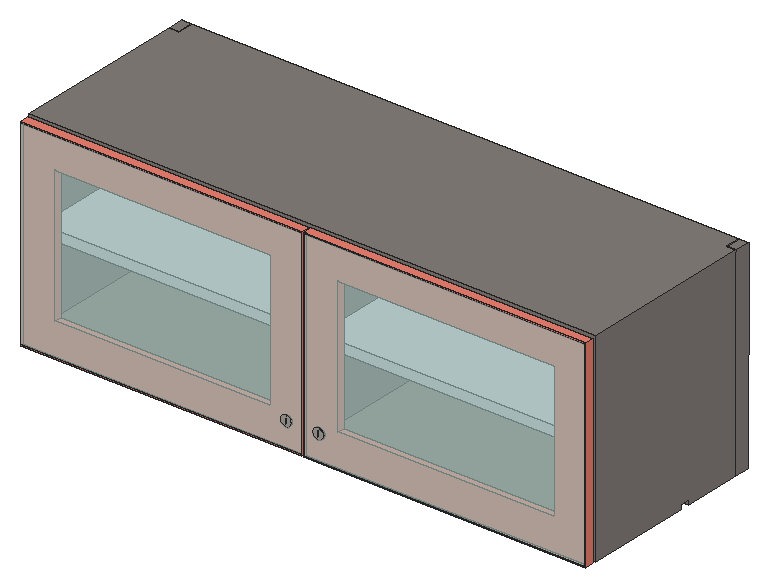
Revit family "Cabinet-Teknion-CEUG_Upper_Cabinet_Glass_Doors-R2022", category Furniture, Revit 2023
Family settings
  OmniClass Number = 23.40.20.00
  OmniClass Title = General Furniture and Specialties
  Work Plane-Based = No
  Enable Cutting in Views = No
  Always vertical = Yes
  Cut with Voids When Loaded = No
  Render Appearance Source = Family Geometry
  Shared = Yes
  Room Calculation Point = No
Parameters (values of type "Height 15")
  Width [instance] = 42.000"
  Warranty = "http://www.teknion.com/ca/papers/legal-canada"
  Unit Weight URL = "http://www.teknion.com/ca/tools/assets#&asset=bee6a381-b954-425e-8283-5a2de3a804f2,f828d448-4b62-4231-9e5f-9a8991c0ed77"
  URL = "www.teknion.com"
  To render please download texture images found here [instance] = "https://assets.teknion.com/web/5e81352c1dfdb467/revit-material-swatches/"
  Sustainability Data = "https://www.teknion.com/ca/tools/assets#&topic=216f99a5-57a0-44fc-b10a-9dee9b29ae4c&asset=444deb64-fe58-4b68-981e-f75e97781df7,b4ff2d81-9f2e-437d-9659-7cffb09c31cf"
  Shelf Gap [instance] = if(Height = 42.000", 14.134", 11.614")  # 11.614"
  Series = "Expansion Casework+"  # constant formula
  (R) Right Groove Light Connection [instance] = yes
  Right Groove Connection [instance] = if(or([(X) None Groove Light Connection], [(R) Right Groove Light Connection]), 4.845", 1.000")  # 4.845"
  (R) Right End Panel [instance] = yes
  Pull Finish [instance] = Paint-Teknion-85-Y-Foundation-Clay
  Product Page URL = "https://www.teknion.com/ca//products/product-details?productLineId=30ca1270-8e7a-673b-a6c8-ff05004460c4"
  Product Line = "Upper Cabinets"  # constant formula
  Product Documentation Link = "https://www.teknion.com/pricing/expansion-casework/pdfs/CEUG_ppg.pdf"
  Part Number = "CEUG"  # constant formula
  (X) None Groove Light Connection [instance] = no
  (N) No Light Management [instance] = no
  NOTES 2) [instance] = "When Width 12, 15, 18 or 21 is specified, Light Management (X) Groove Connection - None is not available"  # constant formula
  NOTES 1) [instance] = "When Width 12 or 15 with Height 15 are specified, Light Management (L) Groove Connection - Left or (R) Groove Connection - Right are not available"  # constant formula
  Model = "CEUG__15"
  Manufacturer Phone = "416-661-3370"  # constant formula
  Manufacturer Fax = "416.661.4586"  # constant formula
  Manufacturer Contact Information = "http://www.teknion.com/ca/contactus"
  Manufacturer Address = "1150 Flint Road, Toronto, ON. M3J 2J5. Canada"  # constant formula
  Manufacturer = "Teknion"  # constant formula
  Light Management Options [instance] = "Pick One Option Only"  # constant formula
  (L) Left Groove Light Connection [instance] = no
  Left Groove Connection [instance] = if(or([(X) None Groove Light Connection], [(L) Left Groove Light Connection]), 4.845", if([(N) No Light Management], 45.000", 1.000"))  # 1.000"
  (L) Left End Panel [instance] = yes
  Integrated End Panel Options [instance] = "Pick One Option Only"  # constant formula
  How To Use Teknion Materials User Guide [instance] = "https://assets.teknion.com/m/205dd0a49fa58060/original/How-to-add-a-Material-Library-and-Texture-Images-to-your-Revit-project.pdf"
  Height = 15.000"
  Glass Door Finish [instance] = Glass - Teknion - FT - Frosted Glass
  Door Frame Finish [instance] = Paint - Teknion - Accent - Signal Red
  For Additional Finishes please visit [instance] = "https://assets.teknion.com/m/44a8009b046e5d47/original/Teknion_Materials_Library.zip"
  Description = "Upper Cabinet – Glass Door(s), 15\"H"
  Depth [instance] = 15.000"
  Default Elevation = 0.000"
  Case Finish [instance] = Veneer - Teknion - 5P - Flintwood - Poppy Seed
  (B) Both Groove Light Connection [instance] = no
  Available Width [instance] = "12\", 15\", 18\", 21\", 24\", 27\", 30\", 33\", 36\",39\",42\""  # constant formula
  Available Depth [instance] = "12\",15\""  # constant formula
  Assembly Code = "E2020200"
  2 Shelves [instance] = Height > 30.000"  # no
  2 Doors [instance] = Width > 21.000"  # yes
  1 Vertical Divider [instance] = Width = 42.000"  # yes
  1 Shelf [instance] = not([2 Shelves])  # yes
  1 Door [instance] = not([2 Doors])  # no
Types (8): name | Width | Shelf Gap | (R) Right Groove Light Connection | Right Groove Connection | Pull Finish | (X) None Groove Light Connection | (N) No Light Management | Model | (L) Left Groove Light Connection | Left Groove Connection | Height | Glass Door Finish | Door Frame Finish | Description | Case Finish | (B) Both Groove Light Connection | 2 Shelves | 1 Vertical Divider | 1 Shelf
  (no name) | 42.000" | 11.614" | yes | 4.845" | Paint-Teknion-85-Y-Foundation-Clay | no | no | "CEUG__15" | no | 1.000" | 15.000" | Glass - Teknion - FT - Frosted Glass | Paint - Teknion - Accent - Signal Red | "Upper Cabinet – Glass Door(s), 15\"H" | Veneer - Teknion - 5P - Flintwood - Poppy Seed | no | no | yes | yes
  Height 42 | 42.000" | 14.134" | no | 4.845" | Paint - Teknion - 18 - Accent - Brickstone | yes | no | "CEUG__42" | no | 4.845" | 42.000" | Backpainted Glass - Teknion - HT - Accent - Herbal | Paint-Teknion-85-Y-Foundation-Clay | "Upper Cabinet – Glass Door(s), 42\"H" | Veneer - Teknion - 5P - Flintwood - Poppy Seed | no | yes | yes | no
  Height 36 | 42.000" | 11.614" | no | 1.000" | Paint - Teknion - Mica - Platinum | no | yes | "CEUG__36" | no | 45.000" | 36.000" | Glass - Teknion - FT - Frosted Glass | Paint - Teknion - 18 - Accent - Brickstone | "Upper Cabinet – Glass Door(s), 36\"H" | Veneer-Teknion-VZ-Flintwood-Blond_Maple | no | yes | yes | no
  Height 33 | 42.000" | 11.614" | no | 4.845" | Paint - Teknion - Mica - Platinum | yes | no | "CEUG__33" | no | 4.845" | 33.000" | Glass - Teknion - CL - Clear | Paint - Teknion - Mica - Titanium Grey | "Upper Cabinet – Glass Door(s), 33\"H" | Veneer-Teknion-VZ-Flintwood-Blond_Maple | no | yes | yes | no
  Height 30 | 36.000" | 11.614" | no | 1.000" | Paint - Teknion - Mica - Platinum | no | no | "CEUG__30" | no | 1.000" | 30.000" | Back-painted Glass - B8 - Teknion - Titanium Grey | Paint - Teknion - 18 - Accent - Brickstone | "Upper Cabinet – Glass Door(s), 30\"H" | Veneer-Teknion-VZ-Flintwood-Blond_Maple | yes | no | no | yes
  Height 27 | 36.000" | 11.614" | yes | 4.845" | Paint - Teknion - Mica - Platinum | yes | yes | "CEUG__27" | yes | 4.845" | 27.000" | Back-painted Glass - K7 - Teknion - Very White | Paint-Teknion-85-Y-Foundation-Clay | "Upper Cabinet – Glass Door(s), 27\"H" | Veneer-Teknion-VZ-Flintwood-Blond_Maple | yes | no | no | yes
  Height 15 | 42.000" | 11.614" | yes | 4.845" | Paint-Teknion-85-Y-Foundation-Clay | no | no | "CEUG__15" | no | 1.000" | 15.000" | Glass - Teknion - FT - Frosted Glass | Paint - Teknion - Accent - Signal Red | "Upper Cabinet – Glass Door(s), 15\"H" | Veneer - Teknion - 5P - Flintwood - Poppy Seed | no | no | yes | yes
  Height 24 | 42.000" | 11.614" | no | 1.000" | Paint - Teknion - Mica - Graphite | no | yes | "CEUG__24" | no | 45.000" | 24.000" | Backpainted Glass - Teknion - HT - Accent - Herbal | Paint - Teknion - Mica - Platinum | "Upper Cabinet – Glass Door(s),24\"H" | Veneer - Teknion - 5P - Flintwood - Poppy Seed | no | no | yes | yes
Reference planes (in)
  plane 1 "Center Front/Back": y = -8.01181
  plane 2: z = 0
  plane 3 "Center Left/Right": x = 18
  plane 4 "Left": x = -3
  plane 5 "Right": x = 39
  plane 6 "Back": y = 0
  plane 7 "Front": y = -16.02362
  plane 8 "Top": z = 69
  plane 9: z = 54
  plane 10: x = -5.29921
  plane 11: x = 41.29921
  plane 12: z = 61.5
  plane 13: y = -15
Forms (in)
  Sweep 1, solid, material "Veneer - Teknion - 5P - Flintwood - Poppy Seed" <- "Case Finish"
    path origin (0, 0, 0) x (1, 0, 0) y (0, 1, 0)
      loop
        line (18, -1.11811) -> (18, -14.16142)
    profile origin (18, -7.63976, 0) x (1, 0, 0) y (0, 0, 1)
      loop
        line (-21, 69) -> (-21, 54) -> (21, 54) -> (21, 69) -> (-21, 69)
  Sweep 2, void
    path origin (0, 0, 0) x (1, 0, 0) y (0, 1, 0)
      loop
        line (18, -1.8189) -> (18, -14.16142)
    profile origin (18, -7.99016, 0) x (1, 0, 0) y (0, 0, 1)
      loop
        line (-20.29921, 68.29921) -> (-20.29921, 55.01575) -> (20.29921, 55.01575) -> (20.29921, 68.29921) -> (-20.29921, 68.29921)
  Sweep 3, solid, material "Veneer - Teknion - 5P - Flintwood - Poppy Seed" <- "Case Finish"
    path origin (0, 0, 0) x (1, 0, 0) y (0, 1, 0)
      loop
        line (-2.29921, 0) -> (38.29921, 0)
    profile origin (18, 0, 0) x (0, 1, 0) y (0, 0, 1)
      loop
        line (-1.11811, 69) -> (-1.11811, 68.29921) -> (0, 68.29921) -> (0, 69) -> (-1.11811, 69)
  Sweep 4, solid, material "Veneer - Teknion - 5P - Flintwood - Poppy Seed" <- "Case Finish", visible <- "(L) Left End Panel"
    path origin (0, -8.01181, 0) x (1, 0, 0) y (0, 0, 1)
      loop
        line (-3, 69) -> (-3, 54)
    profile origin (-3, -8.01181, 61.5) x (0, -1, 0) y (1, 0, 0)
      loop
        line (-8.01181, 0) -> (-6.8937, 0) -> (-6.8937, 0.70079) -> (-8.01181, 0.70079) -> (-8.01181, 0)
  Sweep 5, solid, material "Veneer - Teknion - 5P - Flintwood - Poppy Seed" <- "Case Finish", visible <- "(R) Right End Panel"
    path origin (35.29921, -8.01181, 0) x (1, 0, 0) y (0, 0, 1)
      loop
        line (3.70079, 69) -> (3.70079, 54)
    profile origin (39, -8.01181, 61.5) x (0, -1, 0) y (1, 0, 0)
      loop
        line (-8.01181, -0.70079) -> (-6.8937, -0.70079) -> (-6.8937, 0) -> (-8.01181, 0) -> (-8.01181, -0.70079)
  Sweep 6, solid, visible <- "2 Shelves"
    path origin (0, 0, 0) x (1, 0, 0) y (0, 1, 0)
      loop
        line (-2.29921, -8.01181) -> (38.29921, -8.01181)
    profile origin (18, -8.01181, 0) x (0, 1, 0) y (0, 0, 1)
      loop
        line (-5.95276, 68.00779) -> (-5.95276, 67.307) -> (6.19291, 67.307) -> (6.19291, 68.00779) -> (-5.95276, 68.00779)
      loop
        line (-5.95276, 55.693) -> (-5.95276, 54.99221) -> (6.19291, 54.99221) -> (6.19291, 55.693) -> (-5.95276, 55.693)
  Sweep 7, solid, material "Veneer - Teknion - 5P - Flintwood - Poppy Seed" <- "Case Finish", visible <- "1 Vertical Divider"
    path origin (0, -8.01181, 0) x (1, 0, 0) y (0, 0, 1)
      loop
        line (18, 68.29921) -> (18, 55.01575)
    profile origin (18, -8.01181, 61.65748) x (0, -1, 0) y (1, 0, 0)
      loop
        line (-6.19291, -0.35039) -> (5.95276, -0.35039) -> (5.95276, 0.35039) -> (-6.19291, 0.35039) -> (-6.19291, -0.35039)
  Sweep 8, solid, material "Paint - Teknion - Accent - Signal Red" <- "Door Frame Finish", visible <- "2 Doors"
    path origin (0, -8.01181, 0) x (1, 0, 0) y (0, 0, 1)
      loop
        line (18, 54) -> (18, 68.88189)
    profile origin (18, -8.01181, 61.44094) x (-1, 0, 0) y (0, -1, 0)
      loop
        line (20.94094, 6.2874) -> (20.94094, 6.98819) -> (0.05906, 6.98819) -> (0.05906, 6.2874) -> (20.94094, 6.2874)
      loop
        line (-0.05906, 6.2874) -> (-0.05906, 6.98819) -> (-20.94094, 6.98819) -> (-20.94094, 6.2874) -> (-0.05906, 6.2874)
  Sweep 9, solid, material "Paint - Teknion - Accent - Signal Red" <- "Door Frame Finish", visible <- "1 Door"
    path origin (0, -8.01181, 0) x (1, 0, 0) y (0, 0, 1)
      loop
        line (18, 54) -> (18, 68.88189)
    profile origin (18, -8.01181, 61.44094) x (-1, 0, 0) y (0, -1, 0)
      loop
        line (20.94094, 6.2874) -> (20.94094, 6.98819) -> (-20.94094, 6.98819) -> (-20.94094, 6.2874) -> (20.94094, 6.2874)
  Sweep 10, solid, material "Paint-Teknion-85-Y-Foundation-Clay" <- "Pull Finish", visible <- "1 Door"
    path origin (5.97047, 0, 0) x (1, 0, 0) y (0, 1, 0)
      loop
        line (16.79603, -15.05906) -> (16.79603, -15)
    profile origin (22.7665, -15.02953, 0) x (-1, 0, 0) y (0, 0, 1)
      loop
        circle (-15.00293, 55.64173) r 0.39454
      loop
        line (-14.95372, 55.82874) -> (-15.05214, 55.82874) -> (-15.05214, 55.45472) -> (-14.95372, 55.45472) -> (-14.95372, 55.82874)
  Sweep 11, void
    path origin (0, -8.01181, 0) x (1, 0, 0) y (0, 0, 1)
      loop
        line (18, 54.33465) -> (18, 54)
    profile origin (18, -8.01181, 54.16732) x (0, -1, 0) y (1, 0, 0)
      loop
        line (-2.47244, 22.29921) -> (-2.47244, -18.45421)
        arc (-2.47244, -18.45421) -> (-2.09843, -18.82823) -> (-1.72441, -18.45421) r 0.37402
        line (-1.72441, -18.45421) -> (-1.72441, 22.29921)
        arc (-1.72441, 22.29921) -> (-2.09843, 22.67323) -> (-2.47244, 22.29921) r 0.37402
  Sweep 12, solid, visible <- "1 Shelf"
    path origin (0, 0, 7.76779) x (1, 0, 0) y (0, 1, 0)
      loop
        line (-2.29921, -8.01181) -> (38.29921, -8.01181)
    profile origin (18, -8.01181, 7.76779) x (0, 1, 0) y (0, 0, 1)
      loop
        line (-5.95276, 54.08261) -> (-5.95276, 53.38182) -> (6.19291, 53.38182) -> (6.19291, 54.08261) -> (-5.95276, 54.08261)
  Sweep 13, solid, material "Paint-Teknion-85-Y-Foundation-Clay" <- "Pull Finish", visible <- "2 Doors"
    path origin (-14.99974, 0, 0) x (1, 0, 0) y (0, 1, 0)
      loop
        line (16.79603, -15.05906) -> (16.79603, -15)
    profile origin (1.79628, -15.02953, 0) x (-1, 0, 0) y (0, 0, 1)
      loop
        circle (-15.00293, 55.95669) r 0.39454
      loop
        line (-14.95372, 56.1437) -> (-15.05214, 56.1437) -> (-15.05214, 55.76969) -> (-14.95372, 55.76969) -> (-14.95372, 56.1437)
  Sweep 14, solid, material "Paint-Teknion-85-Y-Foundation-Clay" <- "Pull Finish", visible <- "2 Doors"
    path origin (-12.59817, 0, 0) x (1, 0, 0) y (0, 1, 0)
      loop
        line (16.79603, -15.05906) -> (16.79603, -15)
    profile origin (4.19786, -15.02953, 0) x (-1, 0, 0) y (0, 0, 1)
      loop
        circle (-15.00293, 55.95669) r 0.39454
      loop
        line (-14.95372, 56.1437) -> (-15.05214, 56.1437) -> (-15.05214, 55.76969) -> (-14.95372, 55.76969) -> (-14.95372, 56.1437)
  Sweep 15, void
    path origin (0, 0, 0) x (1, 0, 0) y (0, 1, 0)
      loop
        line (18, -14.29921) -> (18, -14.84252)
    profile origin (18, -14.57087, 0) x (1, 0, 0) y (0, 0, 1)
      loop
        line (-18.51969, 66.46063) -> (-18.51969, 56.42126) -> (-2.48031, 56.42126) -> (-2.48031, 66.46063) -> (-18.51969, 66.46063)
      loop
        line (2.48031, 66.46063) -> (2.48031, 56.42126) -> (18.51969, 56.42126) -> (18.51969, 66.46063) -> (2.48031, 66.46063)
  Sweep 16, void
    path origin (0, 0, 0) x (1, 0, 0) y (0, 1, 0)
      loop
        line (18, -14.84252) -> (18, -14.29921)
    profile origin (18, -14.57087, 0) x (-1, 0, 0) y (0, 0, 1)
      loop
        line (18.51969, 66.46063) -> (-18.51969, 66.46063) -> (-18.51969, 56.42126) -> (18.51969, 56.42126) -> (18.51969, 66.46063)
  Sweep 17, void
    path origin (0, 0, 0) x (1, 0, 0) y (0, 1, 0)
      loop
        line (18, -15) -> (18, -14.84252)
    profile origin (18, -14.92126, 0) x (-1, 0, 0) y (0, 0, 1)
      loop
        line (20.88976, 68.83071) -> (0.11024, 68.83071) -> (0.11024, 54.05118) -> (20.88976, 54.05118) -> (20.88976, 68.83071)
      loop
        line (-0.11024, 54.05118) -> (-0.11024, 68.83071) -> (-20.88976, 68.83071) -> (-20.88976, 54.05118) -> (-0.11024, 54.05118)
  Sweep 18, void
    path origin (0, 0, 0) x (1, 0, 0) y (0, 1, 0)
      loop
        line (18, -15) -> (18, -14.84252)
    profile origin (18, -14.92126, 0) x (-1, 0, 0) y (0, 0, 1)
      loop
        line (20.88976, 68.83071) -> (-20.88976, 68.83071) -> (-20.88976, 54.05118) -> (20.88976, 54.05118) -> (20.88976, 68.83071)
  Sweep 19, solid, material "Glass - Teknion - FT - Frosted Glass" <- "Glass Door Finish", visible <- "2 Doors"
    path origin (0, 0, 0) x (1, 0, 0) y (0, 1, 0)
      loop
        line (18, -14.88189) -> (18, -15)
    profile origin (18, -14.94094, 0) x (1, 0, 0) y (0, 0, 1)
      loop
        line (-20.88976, 68.83071) -> (-20.88976, 54.05118) -> (-0.11024, 54.05118) -> (-0.11024, 68.83071) -> (-20.88976, 68.83071)
      loop
        line (0.11024, 54.05118) -> (20.88976, 54.05118) -> (20.88976, 68.83071) -> (0.11024, 68.83071) -> (0.11024, 54.05118)
  Sweep 20, solid, material "Glass - Teknion - FT - Frosted Glass" <- "Glass Door Finish", visible <- "1 Door"
    path origin (0, 0, 0) x (1, 0, 0) y (0, 1, 0)
      loop
        line (18, -15) -> (18, -14.88189)
    profile origin (18, -14.94094, 0) x (-1, 0, 0) y (0, 0, 1)
      loop
        line (20.88976, 68.83071) -> (-20.88976, 68.83071) -> (-20.88976, 54.05118) -> (20.88976, 54.05118) -> (20.88976, 68.83071)
Cuts and joins
  Sweep 2, Sweep 11 cuts Sweep 1
  joined: Sweep 1, Sweep 3
  Sweep 15, Sweep 17 cuts Sweep 8
  Sweep 16, Sweep 18 cuts Sweep 9
Lines and regions (in)
  Masking region 1
    outline origin (0, 0, 0) x (1, 0, 0) y (0, 1, 0)
      loop
        line (-3, -14.16142) -> (39, -14.16142) -> (39, -1.11811) -> (38.29921, -1.11811) -> (38.29921, 0) -> (-2.29921, 0) -> (-2.29921, -1.11811) -> (-3, -1.11811) -> (-3, -14.16142)
      loop
        line (-2.94094, -14.29921) -> (-2.94094, -15) -> (38.94094, -15) -> (38.94094, -14.29921) -> (-2.94094, -14.29921)
  Masking region 2, visible <- "(L) Left End Panel"
    outline origin (0, 0, 0) x (1, 0, 0) y (0, 1, 0)
      loop
        line (-3, 0) -> (-3, -1.11811) -> (-2.29921, -1.11811) -> (-2.29921, 0) -> (-3, 0)
  Masking region 3, visible <- "(R) Right End Panel"
    outline origin (0, 0, 0) x (1, 0, 0) y (0, 1, 0)
      loop
        line (38.29921, 0) -> (38.29921, -1.11811) -> (39, -1.11811) -> (39, 0) -> (38.29921, 0)
  symbolic lines
    curve 1: line (-2.94094, -15, 0) -> (38.94094, -15, 0)
  symbolic lines, style "FurnitureHiddenLines", detail levels medium+fine
    curve 2: line (-3, -1.11811, 0) -> (39, -1.11811, 0)
    curve 3: line (38.29921, -1.8189, 0) -> (-2.29921, -1.8189, 0)
    curve 4: line (-2.29921, -14.16142, 0) -> (-2.29921, -1.8189, 0)
    curve 5: line (38.29921, -14.16142, 0) -> (38.29921, -1.8189, 0)
    curve 8: line (-2.29921, -13.96457, 0) -> (38.29921, -13.96457, 0)
    curve 9: line (38.88976, -14.84252, 0) -> (-2.88976, -14.84252, 0)
    curve 10: line (-0.51969, -14.29921, 0) -> (-0.51969, -14.84252, 0)
    curve 11: line (-2.88976, -14.84252, 0) -> (-2.88976, -15, 0)
    curve 12: line (38.88976, -14.88189, 0) -> (-2.88976, -14.88189, 0)
    curve 15: line (38.88976, -15, 0) -> (38.88976, -14.84252, 0)
    curve 16: line (36.51969, -14.84252, 0) -> (36.51969, -14.29921, 0)
  symbolic lines, style "FurnitureHiddenLines", visible <- "1 Vertical Divider", detail levels medium+fine
    curve 6: line (17.64961, -1.8189, 0) -> (17.64961, -14.16142, 0)
    curve 7: line (18.35039, -14.16142, 0) -> (18.35039, -1.8189, 0)
  symbolic lines, style "FurnitureHiddenLines", visible <- "2 Doors", detail levels medium+fine
    curve 13: line (17.88976, -15, 0) -> (17.88976, -14.84252, 0)
    curve 14: line (18.11024, -14.84252, 0) -> (18.11024, -15, 0)
    curve 17: line (20.48031, -14.29921, 0) -> (20.48031, -14.84252, 0)
    curve 18: line (15.51969, -14.84252, 0) -> (15.51969, -14.29921, 0)
  symbolic lines, visible <- "2 Doors"
    curve 19: line (17.94094, -15, 0) -> (17.94094, -14.29921, 0)
    curve 20: line (18.05906, -14.29921, 0) -> (18.05906, -15, 0)
  symbolic lines, style "FurnitureHiddenLines", visible <- "(X) None Groove Light Connection"
    curve 21: line (36.45421, -5.53937, 0) -> (-0.45421, -5.53937, 0)
    curve 22: arc (-0.45421, -5.53937, 0) -> (-0.82823, -5.91339, 0) -> (-0.45421, -6.2874, 0) r 0.37402
    curve 23: line (-0.45421, -6.2874, 0) -> (36.45421, -6.2874, 0)
    curve 24: arc (36.45421, -6.2874, 0) -> (36.82823, -5.91339, 0) -> (36.45421, -5.53937, 0) r 0.37402
  symbolic lines, style "FurnitureHiddenLines", visible <- "(R) Right Groove Light Connection"
    curve 25: line (39, -5.53937, 0) -> (-0.45421, -5.53937, 0)
    curve 26: line (-0.45421, -6.2874, 0) -> (39, -6.2874, 0)
    curve 32: arc (-0.45421, -5.53937, 0) -> (-0.82823, -5.91339, 0) -> (-0.45421, -6.2874, 0) r 0.37402
  symbolic lines, style "FurnitureHiddenLines", visible <- "(B) Both Groove Light Connection"
    curve 27: line (39, -5.53937, 0) -> (-3, -5.53937, 0)
    curve 28: line (-3, -6.2874, 0) -> (39, -6.2874, 0)
  symbolic lines, style "FurnitureHiddenLines", visible <- "(L) Left Groove Light Connection"
    curve 29: line (36.45421, -5.53937, 0) -> (-3, -5.53937, 0)
    curve 30: line (-3, -6.2874, 0) -> (36.45421, -6.2874, 0)
    curve 31: arc (36.45421, -6.2874, 0) -> (36.82823, -5.91339, 0) -> (36.45421, -5.53937, 0) r 0.37402
Dimensions and locks (in)
  "Width": plane 4 "Left" to plane 5 "Right"
  plane 6 "Back" to plane 7 "Front" = 16.02362"
  plane 8 "Top" to level = 69.000"
  equal spacing: plane 6 "Back", plane 1 "Center Front/Back", plane 7 "Front"
  equal spacing: plane 4 "Left", plane 3 "Center Left/Right", plane 5 "Right"
  "Height": plane 8 "Top" to plane 9
  locked: plane 9 to plane 2 at 54
  plane 6 "Back" to Sweep 1 sketch curve to Sweep 1 sketch curve = 1.11811" locked, 13.04331" locked
  locked: plane 6 "Back" to Sweep 2 sketch curve at 1.8189
  locked: Sweep 2 sketch curve to plane 5 "Right" at 0.70079
  locked: Sweep 2 sketch curve to plane 4 "Left" at 0.70079
  locked: Sweep 2 sketch curve to plane 9 at 1.01575
  locked: plane 8 "Top" to Sweep 2 sketch curve at 0.70079
  locked: plane 4 "Left" to Sweep 3 sketch curve at 0.70079
  locked: Sweep 3 sketch curve to plane 5 "Right" at 0.70079
  locked: Sweep 6 sketch curve to Sweep 6 sketch curve at 0.70079  (x2)
  Sweep 7 sketch curve to plane 3 "Center Left/Right" to Sweep 7 sketch curve = 0.35039" locked, 0.35039" locked
  locked: plane 8 "Top" to Sweep 8 sketch curve at 0.11811
  plane 7 "Front" to Sweep 8 sketch curve to Sweep 8 sketch curve = 1.02362" locked, 0.70079" locked
  locked: plane 4 "Left" to Sweep 8 sketch curve at 0.05906
  Sweep 8 sketch curve to plane 3 "Center Left/Right" to Sweep 8 sketch curve = 0.05906" locked, 0.05906" locked
  locked: Sweep 8 sketch curve to plane 5 "Right" at 0.05906
  locked: plane 8 "Top" to Sweep 9 sketch curve at 0.11811
  Sweep 8 to Sweep 8 to plane 7 "Front" = 0.70079" locked, 1.02362" locked
  locked: Sweep 9 sketch curve to plane 5 "Right" at 0.05906
  locked: plane 4 "Left" to Sweep 9 sketch curve at 0.05906
  locked: Sweep 10 sketch curve to Sweep 10 sketch curve at 0.05906
  Sweep 10 sketch curve to Sweep 10 sketch curve to Sweep 10 sketch curve = 0.04921" locked, 0.04921" locked
  Sweep 10 sketch curve to Sweep 10 sketch curve to Sweep 10 sketch curve = 0.18701" locked, 0.18701" locked
  locked: Sweep 10 sketch curve to Sweep 9 at 1.45472
  locked: Sweep 10 sketch curve to plane 5 "Right" at 1.18136
  locked: Sweep 11 sketch curve to Sweep 11 sketch curve at 0.33465
  locked: plane 5 "Right" to plane 11 at 2.29921
  locked: plane 10 to plane 4 "Left" at 2.29921
  "Left Groove Connection": Sweep 11 sketch curve to plane 11
  "Right Groove Connection": plane 10 to Sweep 11 sketch curve
  locked: Sweep 6 sketch curve to Sweep 6 sketch curve at 12.14567
  equal spacing: plane 8 "Top", plane 12, plane 9
  "Shelf Gap": Sweep 6 sketch curve to Sweep 6 sketch curve
  equal spacing: Sweep 6 sketch curve, plane 12, Sweep 6 sketch curve
  locked: Sweep 12 sketch curve to Sweep 12 sketch curve at 0.70079
  equal spacing: Sweep 12 sketch curve, plane 12, Sweep 12 sketch curve
  locked: plane 7 "Front" to plane 13 at 1.02362
  "Depth": plane 6 "Back" to plane 13
  plane 6 "Back" to Sweep 11 sketch curve to Sweep 11 sketch curve to Sweep 11 sketch curve = 5.53937" locked, 0.37402" locked, 0.37402" locked
  locked: Sweep 13 sketch curve to Sweep 13 sketch curve at 0.05906
  Sweep 13 sketch curve to Sweep 13 sketch curve to Sweep 13 sketch curve = 0.04921" locked, 0.04921" locked
  locked: Sweep 14 sketch curve to Sweep 14 sketch curve at 0.05906
  Sweep 14 sketch curve to Sweep 14 sketch curve to Sweep 14 sketch curve = 0.04921" locked, 0.04921" locked
  Sweep 14 sketch curve to Sweep 14 sketch curve to Sweep 14 sketch curve = 0.18701" locked, 0.18701" locked
  Sweep 13 sketch curve to Sweep 13 sketch curve to Sweep 13 sketch curve to plane 9 = 0.18701" locked, 0.18701" locked, 1.76969" locked
  locked: plane 3 "Center Left/Right" to Sweep 13 sketch curve at 1.15157
  locked: Sweep 14 sketch curve to plane 9 at 1.76969
  locked: Sweep 14 sketch curve to plane 3 "Center Left/Right" at 1.15157
  locked: Sweep 15 sketch curve to plane 13 at 0.15748
  locked: Sweep 15 sketch curve to plane 4 "Left" at 2.48031
  Sweep 15 sketch curve to plane 3 "Center Left/Right" to Sweep 15 sketch curve = 2.48031" locked, 2.48031" locked
  locked: Sweep 15 sketch curve to plane 5 "Right" at 2.48031
  locked: plane 8 "Top" to Sweep 15 sketch curve at 2.53937
  locked: Sweep 15 sketch curve to plane 9 at 2.42126
  locked: Sweep 16 sketch curve to plane 13 at 0.15748
  locked: Sweep 16 sketch curve to plane 4 "Left" at 2.48031
  locked: Sweep 16 sketch curve to plane 5 "Right" at 2.48031
  locked: plane 8 "Top" to Sweep 16 sketch curve at 2.53937
  locked: Sweep 16 sketch curve to plane 9 at 2.42126
  locked: plane 8 "Top" to Sweep 17 sketch curve at 0.16929
  locked: Sweep 17 sketch curve to plane 9 at 0.05118
  locked: Sweep 17 sketch curve to plane 4 "Left" at 0.11024
  Sweep 17 sketch curve to plane 3 "Center Left/Right" to Sweep 17 sketch curve = 0.11024" locked, 0.11024" locked
  locked: Sweep 17 sketch curve to plane 5 "Right" at 0.11024
  locked: Sweep 18 sketch curve to plane 5 "Right" at 0.11024
  locked: Sweep 18 sketch curve to plane 4 "Left" at 0.11024
  locked: Sweep 18 sketch curve to plane 9 at 0.05118
  locked: plane 8 "Top" to Sweep 18 sketch curve at 0.16929
  locked: Sweep 19 sketch curve to Sweep 19 sketch curve at 0.11811
  locked: Sweep 19 sketch curve to plane 4 "Left" at 0.11024
  Sweep 19 sketch curve to plane 3 "Center Left/Right" to Sweep 19 sketch curve = 0.11024" locked, 0.11024" locked
  locked: Sweep 19 sketch curve to plane 5 "Right" at 0.11024
  locked: Sweep 19 sketch curve to plane 9 at 0.05118
  locked: plane 8 "Top" to Sweep 19 sketch curve at 0.16929
  locked: Sweep 20 sketch curve to Sweep 20 sketch curve at 0.11811
  locked: Sweep 20 sketch curve to plane 9 at 0.05118
  locked: Sweep 20 sketch curve to plane 4 "Left" at 0.11024
  locked: Sweep 20 sketch curve to plane 5 "Right" at 0.11024
  locked: plane 8 "Top" to Sweep 20 sketch curve at 0.16929
  aligned and locked: level to plane 2
  aligned and locked: Sweep 1 sketch curve to plane 3 "Center Left/Right"
  aligned and locked: Sweep 1 sketch curve to plane 8 "Top"
  aligned and locked: plane 4 "Left" to Sweep 1 sketch curve
  aligned and locked: plane 9 to Sweep 1 sketch curve
  aligned and locked: plane 5 "Right" to Sweep 1 sketch curve
  aligned and locked: Sweep 2 sketch curve to plane 3 "Center Left/Right"
  aligned and locked: Sweep 1 to Sweep 2 sketch curve
  aligned and locked: Sweep 3 sketch curve to plane 6 "Back"  (x2)
  aligned and locked: Sweep 3 sketch curve to cut or joined group of Sweep 1, Sweep 2, Sweep 3, Sweep 11  (x3)
  aligned and locked: plane 9 to Sweep 4 sketch curve
  aligned and locked: Sweep 4 sketch curve to plane 4 "Left"
  aligned and locked: plane 8 "Top" to Sweep 4 sketch curve
  aligned and locked: plane 4 "Left" to Sweep 4 sketch curve
  aligned and locked: Sweep 4 sketch curve to plane 6 "Back"
  aligned and locked: Sweep 4 sketch curve to cut or joined group of Sweep 1, Sweep 2, Sweep 3, Sweep 11  (x2)
  aligned and locked: Sweep 5 sketch curve to plane 6 "Back"
  aligned and locked: plane 5 "Right" to Sweep 5 sketch curve  (x2)
  aligned and locked: Sweep 5 sketch curve to cut or joined group of Sweep 1, Sweep 2, Sweep 3, Sweep 11
  aligned and locked: cut or joined group of Sweep 1, Sweep 2, Sweep 3, Sweep 11 to Sweep 5 sketch curve
  aligned and locked: plane 8 "Top" to Sweep 5 sketch curve
  aligned and locked: plane 9 to Sweep 5 sketch curve
  aligned and locked: plane 1 "Center Front/Back" to Sweep 6 sketch curve
  aligned and locked: cut or joined group of Sweep 1, Sweep 2, Sweep 3, Sweep 11 to Sweep 6 sketch curve  (x3)
  aligned and locked: Sweep 7 sketch curve to plane 3 "Center Left/Right"
  aligned and locked: cut or joined group of Sweep 1, Sweep 2, Sweep 3, Sweep 11 to Sweep 7 sketch curve  (x2)
  aligned and locked: Sweep 7 sketch curve to Sweep 6  (x2)
  aligned and locked: plane 3 "Center Left/Right" to Sweep 8 sketch curve
  aligned and locked: Sweep 8 sketch curve to Sweep 8 sketch curve  (x2)
  aligned and locked: plane 3 "Center Left/Right" to Sweep 9 sketch curve
  aligned and locked: Sweep 9 to Sweep 10 sketch curve
  aligned and locked: Masking region 1 sketch curve to cut or joined group of Sweep 1, Sweep 2, Sweep 3, Sweep 11  (x5)
  aligned and locked: Masking region 1 sketch curve to Sweep 4
  aligned and locked: Masking region 1 sketch curve to Sweep 5
  aligned and locked: Masking region 1 sketch curve to Sweep 9  (x2)
  aligned and locked: Masking region 1 sketch curve to Sweep 8  (x2)
  aligned and locked: Masking region 2 sketch curve to Sweep 4
  aligned and locked: plane 4 "Left" to Masking region 2 sketch curve
  aligned and locked: Masking region 2 sketch curve to cut or joined group of Sweep 1, Sweep 2, Sweep 3, Sweep 11  (x2)
  aligned and locked: cut or joined group of Sweep 1, Sweep 2, Sweep 3, Sweep 11 to Masking region 3 sketch curve
  aligned and locked: Masking region 3 sketch curve to cut or joined group of Sweep 1, Sweep 2, Sweep 3, Sweep 11  (x3)
  aligned and locked: curve 1 to Sweep 9
  aligned and locked: curve 2 to cut or joined group of Sweep 1, Sweep 2, Sweep 3, Sweep 11
  aligned and locked: curve 3 to Sweep 6
  aligned and locked: curve 4 to Sweep 6
  aligned and locked: curve 5 to Sweep 6
  aligned and locked: curve 6 to Sweep 7
  aligned and locked: curve 7 to Sweep 7
  aligned and locked: curve 8 to Sweep 6
  aligned and locked: nested 1 to plane 6 "Back"
  aligned and locked: plane 4 "Left" to nested 1
  aligned and locked: nested 2 to plane 6 "Back"
  aligned and locked: nested 2 to plane 5 "Right"
  aligned and locked: nested 3 to plane 4 "Left"
  aligned and locked: nested 4 to plane 5 "Right"
  aligned and locked: nested 3 to cut or joined group of Sweep 1, Sweep 2, Sweep 3, Sweep 11
  aligned and locked: cut or joined group of Sweep 1, Sweep 2, Sweep 3, Sweep 11 to nested 4
  aligned and locked: Sweep 11 sketch curve to plane 3 "Center Left/Right"
  aligned and locked: plane 9 to Sweep 11 sketch curve
  aligned and locked: Sweep 6 sketch curve to Sweep 6 sketch curve
  aligned and locked: plane 9 to Sweep 9 sketch curve
  aligned and locked: plane 9 to Sweep 8 sketch curve
  aligned and locked: Sweep 12 sketch curve to Sweep 7
  aligned and locked: Sweep 7 to Sweep 12 sketch curve
  aligned and locked: Sweep 15 sketch curve to plane 3 "Center Left/Right"
  aligned and locked: Sweep 8 to Sweep 15 sketch curve
  aligned and locked: Sweep 15 sketch curve to Sweep 15 sketch curve  (x2)
  aligned and locked: plane 3 "Center Left/Right" to Sweep 16 sketch curve
  aligned and locked: Sweep 9 to Sweep 16 sketch curve
  aligned and locked: plane 3 "Center Left/Right" to Sweep 17 sketch curve
  aligned and locked: plane 13 to Sweep 17 sketch curve
  aligned and locked: cut or joined group of Sweep 8, Sweep 15, Sweep 17 to Sweep 17 sketch curve
  aligned and locked: Sweep 17 sketch curve to Sweep 17 sketch curve  (x2)
  aligned and locked: plane 3 "Center Left/Right" to Sweep 18 sketch curve
  aligned and locked: plane 13 to Sweep 18 sketch curve
  aligned and locked: cut or joined group of Sweep 9, Sweep 16, Sweep 18 to Sweep 18 sketch curve
  aligned and locked: Sweep 19 sketch curve to plane 3 "Center Left/Right"
  aligned and locked: plane 13 to Sweep 19 sketch curve
  aligned and locked: Sweep 19 sketch curve to Sweep 19 sketch curve  (x2)
  aligned and locked: plane 3 "Center Left/Right" to Sweep 20 sketch curve
  aligned and locked: plane 13 to Sweep 20 sketch curve
  aligned and locked: curve 9 to cut or joined group of Sweep 9, Sweep 16, Sweep 18
  aligned and locked: curve 10 to cut or joined group of Sweep 9, Sweep 16, Sweep 18
  aligned and locked: curve 11 to cut or joined group of Sweep 9, Sweep 16, Sweep 18
  aligned and locked: curve 12 to Sweep 20
  aligned and locked: curve 13 to cut or joined group of Sweep 8, Sweep 15, Sweep 17
  aligned and locked: curve 14 to cut or joined group of Sweep 8, Sweep 15, Sweep 17
  aligned and locked: curve 15 to cut or joined group of Sweep 9, Sweep 16, Sweep 18
  aligned and locked: curve 16 to cut or joined group of Sweep 9, Sweep 16, Sweep 18
  aligned and locked: curve 17 to cut or joined group of Sweep 8, Sweep 15, Sweep 17
  aligned and locked: curve 18 to cut or joined group of Sweep 8, Sweep 15, Sweep 17
  aligned and locked: curve 19 to cut or joined group of Sweep 8, Sweep 15, Sweep 17
  aligned and locked: curve 20 to cut or joined group of Sweep 8, Sweep 15, Sweep 17
  aligned and locked: curve 22 to cut or joined group of Sweep 1, Sweep 2, Sweep 3, Sweep 11
  aligned and locked: plane 5 "Right" to curve 25
  aligned and locked: plane 5 "Right" to curve 26
  aligned and locked: curve 27 to cut or joined group of Sweep 1, Sweep 2, Sweep 3, Sweep 11
  aligned and locked: curve 28 to cut or joined group of Sweep 1, Sweep 2, Sweep 3, Sweep 11
  aligned and locked: plane 4 "Left" to curve 27
  aligned and locked: plane 4 "Left" to curve 28
  aligned and locked: plane 5 "Right" to curve 27
  aligned and locked: plane 5 "Right" to curve 28
  aligned and locked: plane 4 "Left" to curve 29
  aligned and locked: plane 4 "Left" to curve 30
  aligned and locked: curve 32 to cut or joined group of Sweep 1, Sweep 2, Sweep 3, Sweep 11
Automatic sketch dimensions
  plane 1 "Center Front/Back" to Sweep 9 sketch curve = 6.2874"
  Sweep 9 sketch curve to Sweep 9 sketch curve = 0.70079"
  plane 3 "Center Left/Right" to Sweep 10 sketch curve = 4.7665"
  Masking region 1 sketch curve to plane 6 "Back" = 1.11811"
  plane 1 "Center Front/Back" to Sweep 12 sketch curve = 0.000"
  plane 4 "Left" to Sweep 12 sketch curve = 0.70079"
  plane 5 "Right" to Sweep 12 sketch curve = 0.70079"
  Sweep 13 sketch curve to plane 13 = 0.000"
  plane 4 "Left" to Sweep 13 sketch curve = 4.79628"
  Sweep 14 sketch curve to plane 13 = 0.000"
  plane 4 "Left" to Sweep 14 sketch curve = 7.19786"
  curve 2 to plane 4 "Left" = 0.000"
  curve 2 to plane 5 "Right" = 0.000"
  curve 1 to curve 11 = 0.05118"
  curve 15 to curve 1 = 0.05118"
  curve 10 to curve 10 = 0.54331"
  curve 17 to curve 17 = 0.54331"
  curve 18 to curve 18 = 0.54331"
  curve 14 to curve 20 = 0.54331"
  curve 19 to curve 20 = 0.000"
  curve 16 to curve 16 = 0.54331"
  curve 5 to curve 8 = 0.19685"
  curve 20 to curve 7 = 0.1378"
  curve 19 to curve 6 = 0.1378"
  curve 4 to curve 8 = 0.19685"
  curve 21 to curve 25 = 2.54579"
  Sweep 6 sketch curve to profile plane = 6.19291"
  radius of Sweep 10 sketch curve = 0.39454"
  radius of Sweep 13 sketch curve = 0.39454"
  radius of Sweep 14 sketch curve = 0.39454"
Nested families (in)
  nested 1: "Teknion_2D_Node_Family-R2016" at (-3, 0, 0), type "Teknion_2D_Node_Family-R2016"
  nested 2: "Teknion_2D_Node_Family-R2016" at (39, 0, 0), type "Teknion_2D_Node_Family-R2016"
  nested 3: "Teknion_2D_Node_Family-R2016" at (-3, -14.16142, 0), type "Teknion_2D_Node_Family-R2016"
  nested 4: "Teknion_2D_Node_Family-R2016" at (39, -14.16142, 0), type "Teknion_2D_Node_Family-R2016"
Definition of nested family "Teknion_2D_Node_Family-R2016"
  Reference planes (in)
    plane 1 "Center (Front/Back)": y = 0
    plane 2: z = 0
    plane 3 "Center (Left/Right)": x = 0
  Lines and regions (in)
    detail lines, in view "Ref. Level"
      curve 1: circle (0, 0, 0) r 1.25 normal (0, 0, 1)
      curve 2: line (1.91508, -1.91508, 0) -> (-1.91508, 1.91508, 0)
      curve 3: line (-1.91508, -1.91508, 0) -> (1.91508, 1.91508, 0)
